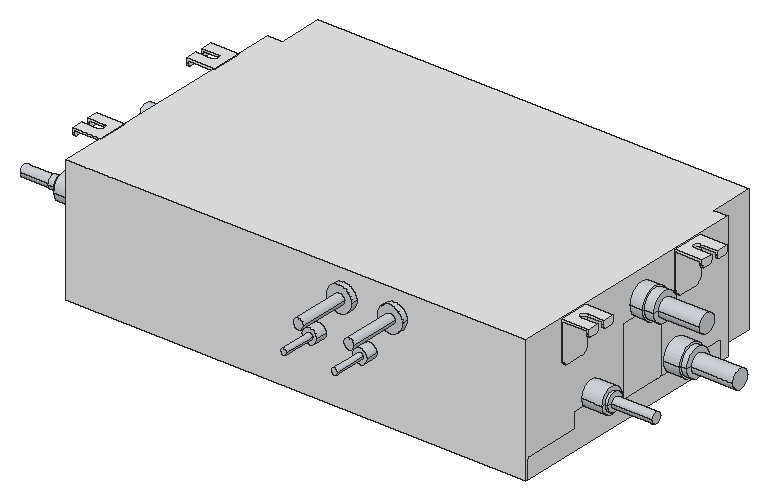
Revit family "EU_MCU_2PORT", category 기계 장비, Revit 2014
Parameters (values of type "2 PORT MODE CHANGE UNIT, 220-240V")
  Voltage [instance] = "220~240 V"
  URL = "www.samsung.com"
  Transmission Cable Min [instance] = 0.75 mm²
  Transmission Cable Max [instance] = 1.50 mm²
  Sound Pressure(Stable cooling Operation) [instance] = "34.00 dB(A)"
  Sound Pressure(Heating to Cooling Change over) [instance] = "50.00 dB(A)"
  Refrigerant Type [instance] = "R410A"
  Refrigerant Charge [instance] = 0.5 kg
  Product Name [instance] = "MODE CHANGE UNIT"
  Power Supply [instance] = 50 Hz
  Power Source Wire [instance] = 2.50 mm²
  Power Input Heating [instance] = 25 W
  Power Input Cooling [instance] = 25 W
  Phase [instance] = 1
  Outdoor Unit Refrigerant Suction Gas Connection Radius [instance] = if(1 = 1, Outdoor Unit Refrigerant Suction Gas Connection Diameter / 2, 0.00 mm)  # 14.29 mm
  Outdoor Unit Refrigerant Suction Gas Connection Offset Bottom [instance] = 50.651 mm
  Outdoor Unit Refrigerant Suction Gas Connection Offset Left [instance] = 294.769 mm
  Outdoor Unit Refrigerant Suction Gas Connection Diameter [instance] = 28.58 mm
  Outdoor Unit Refrigerant Liquid Connection Radius [instance] = if(1 = 1, Outdoor Unit Refrigerant Liquid Connection Diameter / 2, 0.00 mm)  # 7.94 mm
  Outdoor Unit Refrigerant Liquid Connection Offset Left [instance] = 128.684 mm
  Outdoor Unit Refrigerant Liquid Connection Offset Bottom [instance] = 68.524 mm
  Outdoor Unit Refrigerant Liquid Connection Diameter [instance] = 15.88 mm
  Outdoor Unit Refrigerant High Pressure Gas Connection Radius [instance] = if(1 = 1, Outdoor Unit Refrigerant High Pressure Gas Connection Diameter / 2, 0.00 mm)  # 14.29 mm
  Outdoor Unit Refrigerant High Pressure Gas Connection Offset Left [instance] = 228.769 mm
  Outdoor Unit Refrigerant High Pressure Gas Connection Offset Bottom [instance] = 158.712 mm
  Outdoor Unit Refrigerant High Pressure Gas Connection Diameter [instance] = 28.58 mm
  Operating Mode [instance] = "HEAT RECOVERY"
  Number of branches [instance] = "2 EA"
  Net Dimensions Width [instance] = 728.00 mm
  Net Dimensions Height [instance] = 199.00 mm
  Net Dimensions Depth [instance] = 469.00 mm
  built-in parameter 1010109 = ""
  Net  Weight [instance] = 21 kg
  Model [instance] = "MCU-S2NEK2N"
  Minimum Circuit Ampere(MCA) [instance] = 2 A
  Maximum number of connectable indoor units [instance] = "16 EA"
  Maximum number of connectable indoor unit per branch [instance] = "8 EA"
  Maximum capacity of connectable indoor units per branch(Y-Joint) [instance] = 32.00 kW
  Maximum capacity of connectable indoor units per branch [instance] = 16.00 kW
  Maximum capacity of connectable indoor units [instance] = 32.00 kW
  built-in parameter 1010108 = ""
  Maximum Over Protection(MFA) [instance] = 15 A
  Manufacturer [instance] = "SAMSUNG"
  Indoor Unit-6 Refrigerant Suction Gas Connection Radius [instance] = if(1 = 1, [Indoor Unit-6 Refrigerant Suction Gas Connection Diameter] / 2, 0.00 mm)  # 0.00 mm
  Indoor Unit-6 Refrigerant Suction Gas Connection Offset Left [instance] = 0.00 mm
  Indoor Unit-6 Refrigerant Suction Gas Connection Offset Bottom [instance] = 0.00 mm
  Indoor Unit-6 Refrigerant Suction Gas Connection Diameter [instance] = 0.00 mm
  Indoor Unit-6 Refrigerant Liquid Connection Radius [instance] = if(1 = 1, [Indoor Unit-6 Refrigerant Liquid Connection Diameter] / 2, 0.00 mm)  # 0.00 mm
  Indoor Unit-6 Refrigerant Liquid Connection Offset Left [instance] = 0.00 mm
  Indoor Unit-6 Refrigerant Liquid Connection Offset Bottom [instance] = 0.00 mm
  Indoor Unit-6 Refrigerant Liquid Connection Diameter [instance] = 0.00 mm
  Indoor Unit-5 Refrigerant Suction Gas Connection Radius [instance] = if(1 = 1, [Indoor Unit-5 Refrigerant Suction Gas Connection Diameter] / 2, 0.00 mm)  # 0.00 mm
  Indoor Unit-5 Refrigerant Suction Gas Connection Offset Left [instance] = 0.00 mm
  Indoor Unit-5 Refrigerant Suction Gas Connection Offset Bottom [instance] = 0.00 mm
  Indoor Unit-5 Refrigerant Suction Gas Connection Diameter [instance] = 0.00 mm
  Indoor Unit-5 Refrigerant Liquid Connection Radius [instance] = if(1 = 1, [Indoor Unit-5 Refrigerant Liquid Connection Diameter] / 2, 0.00 mm)  # 0.00 mm
  Indoor Unit-5 Refrigerant Liquid Connection Offset Left [instance] = 0.00 mm
  Indoor Unit-5 Refrigerant Liquid Connection Offset Bottom [instance] = 0.00 mm
  Indoor Unit-5 Refrigerant Liquid Connection Diameter [instance] = 0.00 mm
  Indoor Unit-4 Refrigerant Suction Gas Connection Radius [instance] = if(1 = 1, [Indoor Unit-4 Refrigerant Suction Gas Connection Diameter] / 2, 0.00 mm)  # 0.00 mm
  Indoor Unit-4 Refrigerant Suction Gas Connection Offset Left [instance] = 0.00 mm
  Indoor Unit-4 Refrigerant Suction Gas Connection Offset Bottom [instance] = 0.00 mm
  Indoor Unit-4 Refrigerant Suction Gas Connection Diameter [instance] = 0.00 mm
  Indoor Unit-4 Refrigerant Liquid Connection Radius [instance] = if(1 = 1, [Indoor Unit-4 Refrigerant Liquid Connection Diameter] / 2, 0.00 mm)  # 0.00 mm
  Indoor Unit-4 Refrigerant Liquid Connection Offset Left [instance] = 0.00 mm
  Indoor Unit-4 Refrigerant Liquid Connection Offset Bottom [instance] = 0.00 mm
  Indoor Unit-4 Refrigerant Liquid Connection Diameter [instance] = 0.00 mm
  Indoor Unit-3 Refrigerant Suction Gas Connection Radius [instance] = if(1 = 1, [Indoor Unit-3 Refrigerant Suction Gas Connection Diameter] / 2, 0.00 mm)  # 0.00 mm
  Indoor Unit-3 Refrigerant Suction Gas Connection Offset Left [instance] = 0.00 mm
  Indoor Unit-3 Refrigerant Suction Gas Connection Offset Bottom [instance] = 0.00 mm
  Indoor Unit-3 Refrigerant Suction Gas Connection Diameter [instance] = 0.00 mm
  Indoor Unit-3 Refrigerant Liquid Connection Radius [instance] = if(1 = 1, [Indoor Unit-3 Refrigerant Liquid Connection Diameter] / 2, 0.00 mm)  # 0.00 mm
  Indoor Unit-3 Refrigerant Liquid Connection Offset Left [instance] = 0.00 mm
  Indoor Unit-3 Refrigerant Liquid Connection Offset Bottom [instance] = 0.00 mm
  Indoor Unit-3 Refrigerant Liquid Connection Diameter [instance] = 0.00 mm
  Indoor Unit-2 Refrigerant Suction Gas Connection Radius [instance] = if(1 = 1, [Indoor Unit-2 Refrigerant Suction Gas Connection Diameter] / 2, 0.00 mm)  # 7.94 mm
  Indoor Unit-2 Refrigerant Suction Gas Connection Offset Left [instance] = 439.932 mm
  Indoor Unit-2 Refrigerant Suction Gas Connection Offset Bottom [instance] = [Indoor Unit-1 Refrigerant Suction Gas Connection Offset Bottom]  # 160.048 mm
  Indoor Unit-2 Refrigerant Suction Gas Connection Diameter [instance] = 15.88 mm
  Indoor Unit-2 Refrigerant Liquid Connection Radius [instance] = if(1 = 1, [Indoor Unit-2 Refrigerant Liquid Connection Diameter] / 2, 0.00 mm)  # 4.76 mm
  Indoor Unit-2 Refrigerant Liquid Connection Offset Left [instance] = 399.958 mm
  Indoor Unit-2 Refrigerant Liquid Connection Offset Bottom [instance] = [Indoor Unit-1 Refrigerant Liquid Connection Offset Bottom]  # 97.24 mm
  Indoor Unit-2 Refrigerant Liquid Connection Diameter [instance] = 9.52 mm
  Indoor Unit-1 Refrigerant Suction Gas Connection Radius [instance] = if(1 = 1, [Indoor Unit-1 Refrigerant Suction Gas Connection Diameter] / 2, 0.00 mm)  # 7.94 mm
  Indoor Unit-1 Refrigerant Suction Gas Connection Offset Left [instance] = 520.049 mm
  Indoor Unit-1 Refrigerant Suction Gas Connection Offset Bottom [instance] = 160.048 mm
  Indoor Unit-1 Refrigerant Suction Gas Connection Diameter [instance] = 15.88 mm
  Indoor Unit-1 Refrigerant Liquid Connection Radius [instance] = if(1 = 1, [Indoor Unit-1 Refrigerant Liquid Connection Diameter] / 2, 0.00 mm)  # 4.76 mm
  Indoor Unit-1 Refrigerant Liquid Connection Offset Left [instance] = 480.058 mm
  Indoor Unit-1 Refrigerant Liquid Connection Offset Bottom [instance] = 97.24 mm
  Indoor Unit-1 Refrigerant Liquid Connection Diameter [instance] = 9.52 mm
  Heating Operation Limit Min [instance] = -25 °C
  Heating Operation Limit Max [instance] = 24 °C
  Current Input Heating [instance] = 0.2 A
  Current Input Cooling [instance] = 0.2 A
  Cooling Operation Limit Min [instance] = -15 °C
  Cooling Operation Limit Max [instance] = 48 °C
  -15 ℃ Operation(2Port) [instance] = "Below 5~16 kW"
  -15 ℃ Operation(1Port) [instance] = "Below 5 kW"
Reference planes
  plane 1 "Center (Front/Back)": y = 0
  plane 2 "base": z = 0
  plane 3 "Center (Left/Right)": x = 0
  plane 4: x = -364
  plane 5: x = 364
  plane 6: y = 234.5
  plane 7: y = -234.5
  plane 8: z = 199
  plane 9 "PIPE0": z = 68.524
  plane 10: y = -105.816
  plane 11: y = -5.731
  plane 12 "HGAS0": z = 158.712
  plane 13: y = 60.269
  plane 14 "GAS0": z = 50.651
  plane 15 "GAS16": z = 160.048
  plane 16 "PIPE16": z = 97.24
  plane 17: x = -284.487
  plane 18: x = -244.532
  plane 19: x = -164.415
  plane 20: x = -84.299
  plane 21: x = -4.184
  plane 22: x = 75.932
  plane 23: x = 156.049
  plane 24: x = -204.37
  plane 25: x = -124.254
  plane 26: x = -44.137
  plane 27: x = 35.958
  plane 28: x = 116.058
Forms (mm)
  Extrusion 1, solid, material "Body"
    sketch origin (0, 0, 0) x (1, 0, 0) y (0, 1, 0)
      loop
        line (-340.917, 234.5) -> (-340.917, 165.251) -> (-364.048, 165.251) -> (-364.048, -234.5) -> (364, -234.5) -> (364, 165.251) -> (340.92, 165.251) -> (340.92, 234.5) -> (-340.917, 234.5)
    from 0 to 199
  Extrusion 2, solid, material "Body"
    sketch origin (0, 0, 0) x (0, 1, 0) y (0, 0, 1)
      loop
        line (-231.497, 0) -> (148.387, 0) -> (148.387, 28.036)
        arc (148.387, 28.036) -> (147.508, 30.16) -> (145.384, 31.04) r 3.003
        line (145.384, 31.04) -> (-71.993, 31.04) -> (-71.993, 56.071) -> (-138.678, 56.071) -> (-138.678, 31.04) -> (-228.493, 31.04)
        arc (-228.493, 31.04) -> (-230.617, 30.16) -> (-231.497, 28.036) r 3.003
        line (-231.497, 28.036) -> (-231.497, 0)
      loop
        line (-42.557, 138.391) -> (-42.557, 36.36)
        arc (-42.557, 36.36) -> (-41.09, 32.818) -> (-37.548, 31.351) r 5.009
        line (-37.548, 31.351) -> (26.128, 31.351)
        arc (26.128, 31.351) -> (29.67, 32.818) -> (31.137, 36.36) r 5.009
        line (31.137, 36.36) -> (31.137, 138.391) -> (-42.557, 138.391)
    from 364 to 365
  Revolve 3, solid
    sketch origin (0, 0, 50.651) x (0, -1, 0) y (1, 0, 0)
      loop
        line (-60.269, 400.596) -> (-60.269, 364) -> (-36.286, 364) -> (-36.286, 391.041) -> (-38.294, 391.041) -> (-38.294, 400.596) -> (-60.269, 400.596)
      axis (-60.269, 364) -> (-60.269, 400.596)
    angle from 0 to 360
  Revolve 4, solid
    sketch origin (0, 0, 158.712) x (0, -1, 0) y (1, 0, 0)
      loop
        line (5.731, 401.215) -> (5.731, 364) -> (29.845, 364) -> (29.845, 385.528) -> (27.859, 385.528) -> (27.859, 401.215) -> (5.731, 401.215)
      axis (5.731, 364) -> (5.731, 401.215)
    angle from 0 to 360
  Revolve 5, solid
    sketch origin (0, 0, 68.524) x (0, -1, 0) y (1, 0, 0)
      loop
        line (105.816, 364) -> (105.816, 402.273) -> (91.544, 402.273) -> (91.544, 397.255) -> (86.526, 397.255) -> (86.526, 364) -> (105.816, 364)
      axis (105.816, 364) -> (105.816, 402.273)
    angle from 0 to 360
  Extrusion 6, solid
    sketch origin (0, 0, 0) x (0, 1, 0) y (0, 0, 1)
      loop
        circle (-105.816, 68.524) r 7.94
    from 402.273 to 467.506
  Extrusion 7, solid
    sketch origin (0, 0, 0) x (0, 1, 0) y (0, 0, 1)
      loop
        circle (-5.731, 158.712) r 14.29
    from 401.215 to 467.506
  Extrusion 8, solid
    sketch origin (0, 0, 0) x (0, 1, 0) y (0, 0, 1)
      loop
        circle (60.269, 50.651) r 14.29
    from 400.596 to 467.506
  Extrusion 9, solid
    sketch origin (320.464, 0, 0) x (1, 0, 0) y (0, 0, 1)
      loop
        circle (-244.532, 160.048) r 20
    from 234.5 to 243.607
  Extrusion 10, solid
    sketch origin (400.581, 0, 0) x (1, 0, 0) y (0, 0, 1)
      loop
        circle (-244.532, 160.048) r 20
    from 234.5 to 243.607
  Extrusion 11, solid
    sketch origin (320.445, 0, 0) x (1, 0, 0) y (0, 0, 1)
      loop
        circle (-284.487, 97.24) r 11.578
    from 234.5 to 252.666
  Extrusion 12, solid
    sketch origin (400.545, 0, 0) x (1, 0, 0) y (0, 0, 1)
      loop
        circle (-284.487, 97.24) r 11.578
    from 234.5 to 252.666
  Extrusion 13, solid
    sketch origin (0, 0, 0) x (1, 0, 0) y (0, 0, 1)
      loop
        circle (35.958, 97.24) r 4.76
      loop
        circle (116.058, 97.24) r 4.76
    from 252.666 to 302.867
  Extrusion 14, solid
    sketch origin (0, 0, 0) x (1, 0, 0) y (0, 0, 1)
      loop
        circle (75.932, 160.048) r 7.94
      loop
        circle (156.049, 160.048) r 7.94
    from 243.607 to 324.292
  Revolve 15, solid
    sketch origin (0, 0, 97.24) x (-1, 0, 0) y (0, -1, 0)
      loop
        line (400.263, -44.793) -> (400.263, -37.324) -> (391.648, -37.324) -> (391.648, -36.241) -> (364, -36.241) -> (364, -60.269) -> (471.974, -60.269) -> (471.974, -44.793) -> (400.263, -44.793)
      axis (471.974, -60.269) -> (364, -60.269)
    angle from 0 to 360
  Revolve 16, solid
    sketch origin (0, 0, 50.651) x (0, -1, 0) y (1, 0, 0)
      loop
        line (5.731, -471.952) -> (21.578, -471.952) -> (21.578, -400.263) -> (29.867, -400.263) -> (29.867, -364) -> (5.731, -364) -> (5.731, -471.952)
      axis (5.731, -471.952) -> (5.731, -364)
    angle from 0 to 360
  Revolve 17, solid
    sketch origin (0, 0, 68.524) x (0, -1, 0) y (1, 0, 0)
      loop
        line (105.816, -532.396) -> (114.586, -532.396) -> (114.586, -487.233) -> (115.701, -487.233) -> (115.701, -474.186) -> (121.672, -474.186) -> (121.672, -469.171) -> (126.69, -469.171) -> (126.69, -364.048) -> (105.816, -364.048) -> (105.816, -532.396)
      axis (105.816, -532.396) -> (105.816, -364.048)
    angle from 0 to 360
Lines and regions (mm)
  model lines, not visible
    curve 1: arc (195.594, -165, 1319.842) -> (200.975, -165, 1322.29) -> (206.401, -165, 1324.635) r 309.246
    curve 2: arc (187.783, -165, 1316.133) -> (191.645, -165, 1318.08) -> (195.594, -165, 1319.842) r 91.892
    curve 3: arc (183.29, -165, 1313.637) -> (185.513, -165, 1314.928) -> (187.783, -165, 1316.133) r 67.043
    curve 4: arc (180.377, -165, 1311.624) -> (181.826, -165, 1312.641) -> (183.29, -165, 1313.637) r 121.609
    curve 5: arc (177.43, -165, 1309.404) -> (178.883, -165, 1310.542) -> (180.377, -165, 1311.624) r 48.689
    curve 6: arc (174.608, -165, 1307.049) -> (175.983, -165, 1308.27) -> (177.43, -165, 1309.404) r 29.649
    curve 7: arc (172.38, -165, 1304.752) -> (173.454, -165, 1305.939) -> (174.608, -165, 1307.049) r 22.979
    curve 8: arc (170.712, -165, 1302.508) -> (171.5, -165, 1303.664) -> (172.38, -165, 1304.752) r 17.124
    curve 9: arc (169.537, -165, 1300.289) -> (170.066, -165, 1301.43) -> (170.712, -165, 1302.508) r 11.876
    curve 10: arc (168.855, -165, 1298.11) -> (169.127, -165, 1299.221) -> (169.537, -165, 1300.289) r 9.086
    curve 11: arc (168.724, -165, 1295.997) -> (168.722, -165, 1297.058) -> (168.855, -165, 1298.11) r 8.267
    curve 12: arc (169.118, -165, 1293.959) -> (168.862, -165, 1294.967) -> (168.724, -165, 1295.997) r 8.908
    curve 13: arc (170.049, -165, 1292.008) -> (169.536, -165, 1292.961) -> (169.118, -165, 1293.959) r 11.032
    curve 14: arc (171.482, -165, 1290.151) -> (170.729, -165, 1291.052) -> (170.049, -165, 1292.008) r 15.106
    curve 15: arc (173.425, -165, 1288.401) -> (172.427, -165, 1289.247) -> (171.482, -165, 1290.151) r 21.501
    curve 16: arc (175.833, -165, 1286.762) -> (174.609, -165, 1287.553) -> (173.425, -165, 1288.401) r 30.601
    curve 17: arc (178.7, -165, 1285.244) -> (177.252, -165, 1285.976) -> (175.833, -165, 1286.762) r 42.727
    curve 18: arc (181.975, -165, 1283.846) -> (180.327, -165, 1284.52) -> (178.7, -165, 1285.244) r 57.776
    curve 19: arc (185.642, -165, 1282.578) -> (183.801, -165, 1283.189) -> (181.975, -165, 1283.846) r 76.022
    curve 20: arc (189.65, -165, 1281.435) -> (187.64, -165, 1281.985) -> (185.642, -165, 1282.578) r 97.926
    curve 21: arc (193.978, -165, 1280.422) -> (191.81, -165, 1280.909) -> (189.65, -165, 1281.435) r 124.368
    curve 22: arc (198.563, -165, 1279.532) -> (196.267, -165, 1279.959) -> (193.978, -165, 1280.422) r 146.449
    curve 23: arc (203.387, -165, 1278.768) -> (200.972, -165, 1279.133) -> (198.563, -165, 1279.532) r 171.678
    curve 24: arc (208.517, -165, 1278.111) -> (205.95, -165, 1278.423) -> (203.387, -165, 1278.768) r 205.135
    curve 25: arc (214.051, -165, 1277.556) -> (211.282, -165, 1277.817) -> (208.517, -165, 1278.111) r 233.448
    curve 26: arc (219.975, -165, 1277.105) -> (217.012, -165, 1277.314) -> (214.051, -165, 1277.556) r 268.023
    curve 27: arc (226.291, -165, 1276.774) -> (223.132, -165, 1276.923) -> (219.975, -165, 1277.105) r 304.233
    curve 28: arc (232.968, -165, 1276.566) -> (229.629, -165, 1276.654) -> (226.291, -165, 1276.774) r 343.121
    curve 29: arc (240, -165, 1276.492) -> (236.484, -165, 1276.513) -> (232.968, -165, 1276.566) r 378.704
    curve 30: arc (247.347, -165, 1276.551) -> (243.674, -165, 1276.505) -> (240, -165, 1276.492) r 416.052
    curve 31: arc (254.991, -165, 1276.756) -> (251.17, -165, 1276.637) -> (247.347, -165, 1276.551) r 449.8
    curve 32: arc (262.884, -165, 1277.101) -> (258.939, -165, 1276.912) -> (254.991, -165, 1276.756) r 482.662
    curve 33: arc (270.997, -165, 1277.596) -> (266.942, -165, 1277.332) -> (262.884, -165, 1277.101) r 510.257
    curve 34: arc (279.276, -165, 1278.232) -> (275.138, -165, 1277.898) -> (270.997, -165, 1277.596) r 534.514
    curve 35: arc (287.683, -165, 1279.015) -> (283.481, -165, 1278.608) -> (279.276, -165, 1278.232) r 553.014
    curve 36: arc (296.163, -165, 1279.935) -> (291.925, -165, 1279.459) -> (287.683, -165, 1279.015) r 565.829
    curve 37: arc (304.67, -165, 1280.992) -> (300.418, -165, 1280.448) -> (296.163, -165, 1279.935) r 573.124
    curve 38: arc (313.153, -165, 1282.173) -> (308.914, -165, 1281.567) -> (304.67, -165, 1280.992) r 572.829
    curve 39: arc (321.562, -165, 1283.476) -> (317.36, -165, 1282.809) -> (313.153, -165, 1282.173) r 567.911
    curve 40: arc (329.854, -165, 1284.886) -> (325.711, -165, 1284.166) -> (321.562, -165, 1283.476) r 555.278
    curve 41: arc (337.977, -165, 1286.397) -> (333.918, -165, 1285.626) -> (329.854, -165, 1284.886) r 540.479
    curve 42: arc (345.899, -165, 1287.994) -> (341.942, -165, 1287.18) -> (337.977, -165, 1286.397) r 515.558
    curve 43: arc (353.573, -165, 1289.667) -> (349.74, -165, 1288.815) -> (345.899, -165, 1287.994) r 488.161
    curve 44: arc (360.978, -165, 1291.404) -> (357.279, -165, 1290.52) -> (353.573, -165, 1289.667) r 460.471
    curve 45: arc (368.073, -165, 1293.194) -> (364.529, -165, 1292.284) -> (360.978, -165, 1291.404) r 440.452
    curve 46: arc (374.846, -165, 1295.02) -> (371.464, -165, 1294.092) -> (368.073, -165, 1293.194) r 391.802
    curve 47: arc (381.262, -165, 1296.872) -> (378.059, -165, 1295.93) -> (374.846, -165, 1295.02) r 331.309
    curve 48: line (387.339, -165, 1298.749) -> (381.262, -165, 1296.872)
    curve 49: arc (406.992, -165, 1306.046) -> (400.756, -165, 1303.532) -> (394.479, -165, 1301.124) r 397.928
    curve 50: arc (416.144, -165, 1309.892) -> (411.607, -165, 1307.876) -> (406.992, -165, 1306.046) r 121.956
    curve 51: arc (421.525, -165, 1312.518) -> (418.856, -165, 1311.161) -> (416.144, -165, 1309.892) r 91.735
    curve 52: arc (425.128, -165, 1314.665) -> (423.334, -165, 1313.58) -> (421.525, -165, 1312.518) r 164.173
    curve 53: arc (428.811, -165, 1317.042) -> (426.989, -165, 1315.824) -> (425.128, -165, 1314.665) r 67.791
    curve 54: arc (432.383, -165, 1319.569) -> (430.63, -165, 1318.259) -> (428.811, -165, 1317.042) r 41.777
    curve 55: arc (435.298, -165, 1322.049) -> (433.877, -165, 1320.766) -> (432.383, -165, 1319.569) r 32.257
    curve 56: arc (441.061, -165, 1331.584) -> (440.862, -165, 1330.411) -> (440.506, -165, 1329.275) r 8.779
    curve 57: arc (440.506, -165, 1329.275) -> (439.989, -165, 1328.05) -> (439.325, -165, 1326.898) r 10.886
    curve 58: arc (439.325, -165, 1326.898) -> (438.514, -165, 1325.648) -> (437.587, -165, 1324.483) r 15.562
    curve 59: arc (437.587, -165, 1324.483) -> (436.486, -165, 1323.225) -> (435.298, -165, 1322.049) r 23.512
    curve 60: arc (441.015, -165, 1333.815) -> (441.113, -165, 1332.701) -> (441.061, -165, 1331.584) r 8.408
    curve 61: arc (440.355, -165, 1335.951) -> (440.747, -165, 1334.902) -> (441.015, -165, 1333.815) r 9.661
    curve 62: arc (439.117, -165, 1337.984) -> (439.783, -165, 1336.996) -> (440.355, -165, 1335.951) r 12.903
    curve 63: arc (437.295, -165, 1339.897) -> (438.24, -165, 1338.973) -> (439.117, -165, 1337.984) r 18.535
    curve 64: arc (434.939, -165, 1341.686) -> (436.142, -165, 1340.823) -> (437.295, -165, 1339.897) r 27.033
    curve 65: arc (432.06, -165, 1343.338) -> (433.517, -165, 1342.543) -> (434.939, -165, 1341.686) r 38.822
    curve 66: arc (428.716, -165, 1344.854) -> (430.401, -165, 1344.124) -> (432.06, -165, 1343.338) r 53.845
    curve 67: arc (424.931, -165, 1346.224) -> (426.833, -165, 1345.565) -> (428.716, -165, 1344.854) r 72.44
    curve 68: arc (420.762, -165, 1347.453) -> (422.853, -165, 1346.862) -> (424.931, -165, 1346.224) r 95.068
    curve 69: arc (416.239, -165, 1348.536) -> (418.506, -165, 1348.016) -> (420.762, -165, 1347.453) r 122.777
    curve 70: arc (411.434, -165, 1349.48) -> (413.841, -165, 1349.028) -> (416.239, -165, 1348.536) r 145.634
    curve 71: arc (406.372, -165, 1350.284) -> (408.906, -165, 1349.901) -> (411.434, -165, 1349.48) r 171.922
    curve 72: arc (400.971, -165, 1350.969) -> (403.674, -165, 1350.644) -> (406.372, -165, 1350.284) r 207.343
    curve 73: arc (395.117, -165, 1351.543) -> (398.046, -165, 1351.275) -> (400.971, -165, 1350.969) r 236.909
    curve 74: arc (388.823, -165, 1352.001) -> (391.971, -165, 1351.79) -> (395.117, -165, 1351.543) r 273.522
    curve 75: arc (382.085, -165, 1352.325) -> (385.455, -165, 1352.181) -> (388.823, -165, 1352.001) r 311.841
    curve 76: arc (374.941, -165, 1352.511) -> (378.513, -165, 1352.436) -> (382.085, -165, 1352.325) r 353.101
    curve 77: arc (367.395, -165, 1352.546) -> (371.168, -165, 1352.547) -> (374.941, -165, 1352.511) r 390.355
    curve 78: arc (359.495, -165, 1352.429) -> (363.444, -165, 1352.505) -> (367.395, -165, 1352.546) r 429.401
    curve 79: arc (342.759, -165, 1351.705) -> (347.011, -165, 1351.944) -> (351.264, -165, 1352.147) r 497.155
    curve 80: arc (334.019, -165, 1351.093) -> (338.388, -165, 1351.417) -> (342.759, -165, 1351.705) r 523.922
    curve 81: arc (325.105, -165, 1350.32) -> (329.56, -165, 1350.725) -> (334.019, -165, 1351.093) r 546.438
    curve 82: arc (316.068, -165, 1349.381) -> (320.585, -165, 1349.869) -> (325.105, -165, 1350.32) r 562.058
    curve 83: arc (306.973, -165, 1348.289) -> (311.519, -165, 1348.853) -> (316.068, -165, 1349.381) r 570.808
    curve 84: arc (297.879, -165, 1347.045) -> (302.424, -165, 1347.685) -> (306.973, -165, 1348.289) r 573.187
    curve 85: arc (288.846, -165, 1345.663) -> (293.36, -165, 1346.372) -> (297.879, -165, 1347.045) r 566.808
    curve 86: arc (279.935, -165, 1344.149) -> (284.387, -165, 1344.924) -> (288.846, -165, 1345.663) r 555.457
    curve 87: arc (271.197, -165, 1342.521) -> (275.562, -165, 1343.353) -> (279.935, -165, 1344.149) r 535.611
    curve 88: arc (262.692, -165, 1340.788) -> (266.941, -165, 1341.673) -> (271.197, -165, 1342.521) r 513.885
    curve 89: arc (254.458, -165, 1338.968) -> (258.571, -165, 1339.896) -> (262.692, -165, 1340.788) r 481.756
    curve 90: arc (246.548, -165, 1337.073) -> (250.498, -165, 1338.038) -> (254.458, -165, 1338.968) r 447.901
    curve 91: arc (231.805, -165, 1333.12) -> (235.389, -165, 1334.137) -> (238.982, -165, 1335.119) r 389.27
    curve 92: arc (238.982, -165, 1335.119) -> (242.76, -165, 1336.114) -> (246.548, -165, 1337.073) r 414.22
    curve 93: arc (351.264, -165, 1352.147) -> (355.379, -165, 1352.306) -> (359.495, -165, 1352.429) r 463.961
    curve 94: line (212.744, -165, 1327.003) -> (218.679, -165, 1329.055)
    curve 95: arc (218.679, -165, 1329.055) -> (221.846, -165, 1330.094) -> (225.026, -165, 1331.094) r 275.24
    curve 96: arc (225.026, -165, 1331.094) -> (228.41, -165, 1332.125) -> (231.805, -165, 1333.12) r 337.122
    curve 97: line (240.576, -165, 1320.247) -> (243.349, -165, 1298.748)
    curve 98: line (243.349, -165, 1298.748) -> (251.269, -165, 1298.748)
    curve 99: line (251.269, -165, 1298.748) -> (246.46, -165, 1327.035)
    curve 100: line (246.46, -165, 1327.035) -> (234.014, -165, 1327.035)
    curve 101: line (234.014, -165, 1327.035) -> (229.205, -165, 1298.748)
    curve 102: line (229.205, -165, 1298.748) -> (237.125, -165, 1298.748)
    curve 103: line (237.125, -165, 1298.748) -> (239.898, -165, 1320.247)
    curve 104: line (271.428, -165, 1311.76) -> (268.883, -165, 1327.035)
    curve 105: line (268.883, -165, 1327.035) -> (256.436, -165, 1327.035)
    curve 106: line (256.436, -165, 1327.035) -> (256.436, -165, 1298.748)
    curve 107: line (256.436, -165, 1298.748) -> (263.791, -165, 1298.748)
    curve 108: line (263.791, -165, 1298.748) -> (263.791, -165, 1319.907)
    curve 109: line (274.54, -165, 1327.035) -> (271.994, -165, 1311.76)
    curve 110: line (275.672, -165, 1298.748) -> (279.066, -165, 1319.907)
    curve 111: line (279.632, -165, 1319.907) -> (279.632, -165, 1298.748)
    curve 112: line (286.986, -165, 1298.748) -> (286.986, -165, 1327.035)
    curve 113: line (279.632, -165, 1298.748) -> (286.986, -165, 1298.748)
    curve 114: line (264.357, -165, 1319.907) -> (267.751, -165, 1298.748)
    curve 115: line (267.751, -165, 1298.748) -> (275.672, -165, 1298.748)
    curve 116: line (286.986, -165, 1327.035) -> (274.54, -165, 1327.035)
    curve 117: line (340.32, -165, 1306.669) -> (340.32, -165, 1327.035)
    curve 118: line (340.32, -165, 1327.035) -> (332.399, -165, 1327.035)
    curve 119: line (332.399, -165, 1327.035) -> (332.399, -165, 1306.669)
    curve 120: arc (332.399, -165, 1306.669) -> (330.136, -165, 1304.406) -> (327.873, -165, 1306.669) r 2.263
    curve 121: line (327.873, -165, 1306.669) -> (327.873, -165, 1327.035)
    curve 122: line (327.873, -165, 1327.035) -> (319.953, -165, 1327.035)
    curve 123: line (319.953, -165, 1327.035) -> (319.953, -165, 1306.669)
    curve 124: line (363.833, -165, 1309.497) -> (356.817, -165, 1327.035)
    curve 125: line (356.817, -165, 1327.035) -> (347.426, -165, 1327.035)
    curve 126: line (347.426, -165, 1327.035) -> (347.426, -165, 1298.748)
    curve 127: line (347.426, -165, 1298.748) -> (354.441, -165, 1298.748)
    curve 128: line (354.441, -165, 1298.748) -> (354.441, -165, 1316.286)
    curve 129: line (364.172, -165, 1327.035) -> (364.172, -165, 1309.497)
    curve 130: line (371.187, -165, 1327.035) -> (364.172, -165, 1327.035)
    curve 131: line (371.187, -165, 1298.748) -> (371.187, -165, 1327.035)
    curve 132: line (361.796, -165, 1298.748) -> (371.187, -165, 1298.748)
    curve 133: line (354.781, -165, 1316.286) -> (361.796, -165, 1298.748)
    curve 134: line (377.89, -165, 1319.398) -> (377.89, -165, 1306.386)
    curve 135: line (385.527, -165, 1306.386) -> (385.527, -165, 1319.398)
    curve 136: arc (389.487, -165, 1319.398) -> (387.507, -165, 1321.378) -> (385.527, -165, 1319.398) r 1.98
    curve 137: arc (385.527, -165, 1306.386) -> (387.507, -165, 1304.406) -> (389.487, -165, 1306.386) r 1.98
    curve 138: line (387.507, -165, 1313.458) -> (387.507, -165, 1309.497)
    curve 139: line (387.507, -165, 1309.497) -> (389.487, -165, 1309.497)
    curve 140: line (389.487, -165, 1309.497) -> (389.487, -165, 1306.386)
    curve 141: line (397.125, -165, 1313.458) -> (387.507, -165, 1313.458)
    curve 142: line (397.125, -165, 1305.954) -> (397.125, -165, 1313.458)
    curve 143: line (397.125, -165, 1317.418) -> (397.125, -165, 1319.398)
    curve 144: line (389.487, -165, 1319.398) -> (389.487, -165, 1317.418)
    curve 145: line (389.487, -165, 1317.418) -> (397.125, -165, 1317.418)
    curve 146: arc (377.89, -165, 1319.398) -> (387.507, -165, 1327.035) -> (397.125, -165, 1319.398) r 9.874
    curve 147: arc (377.89, -165, 1306.386) -> (381.112, -165, 1300.708) -> (387.339, -165, 1298.749) r 8.913
    curve 148: arc (394.479, -165, 1301.124) -> (396.296, -165, 1303.268) -> (397.125, -165, 1305.954) r 7.016
    curve 149: line (312.844, -165, 1320.247) -> (312.844, -165, 1316.852)
    curve 150: line (312.844, -165, 1316.852) -> (305.49, -165, 1316.852)
    curve 151: line (305.49, -165, 1316.852) -> (305.49, -165, 1319.115)
    curve 152: arc (305.49, -165, 1319.115) -> (302.07, -165, 1321.06) -> (302.145, -165, 1317.127) r 2.263
    curve 153: line (302.145, -165, 1317.127) -> (310.231, -165, 1312.728)
    curve 154: arc (319.953, -165, 1306.669) -> (330.136, -165, 1298.748) -> (340.32, -165, 1306.669) r 10.507
    curve 155: line (296.934, -165, 1312.849) -> (304.358, -165, 1308.628)
    curve 156: arc (300.964, -165, 1306.669) -> (304.358, -165, 1304.709) -> (304.358, -165, 1308.628) r 2.263
    curve 157: line (313.41, -165, 1305.537) -> (313.41, -165, 1307.8)
    curve 158: line (293.043, -165, 1308.932) -> (293.043, -165, 1305.537)
    curve 159: line (300.964, -165, 1308.932) -> (293.043, -165, 1308.932)
    curve 160: line (300.964, -165, 1306.669) -> (300.964, -165, 1308.932)
    curve 161: line (293.609, -165, 1320.247) -> (293.609, -165, 1317.984)
    curve 162: arc (293.609, -165, 1320.247) -> (303.227, -165, 1327.036) -> (312.844, -165, 1320.247) r 10.207
    curve 163: arc (293.043, -165, 1305.537) -> (303.227, -165, 1298.748) -> (313.41, -165, 1305.537) r 11.032
    curve 164: arc (310.231, -165, 1312.728) -> (312.449, -165, 1310.67) -> (313.41, -165, 1307.8) r 6.121
    curve 165: arc (296.934, -165, 1312.849) -> (294.064, -165, 1316.005) -> (293.609, -165, 1320.247) r 6.87
    curve 166: line (211.427, -165, 1308.932) -> (203.507, -165, 1308.932)
    curve 167: arc (211.427, -165, 1306.67) -> (214.859, -165, 1304.732) -> (214.745, -165, 1308.672) r 2.263
    curve 168: line (211.427, -165, 1306.67) -> (211.427, -165, 1308.932)
    curve 169: line (203.507, -165, 1308.932) -> (203.507, -165, 1305.537)
    curve 170: line (223.874, -165, 1305.537) -> (223.874, -165, 1307.8)
    curve 171: line (220.694, -165, 1312.728) -> (212.609, -165, 1317.127)
    curve 172: arc (215.953, -165, 1319.116) -> (212.534, -165, 1321.062) -> (212.609, -165, 1317.128) r 2.263
    curve 173: line (215.953, -165, 1319.116) -> (215.953, -165, 1316.852)
    curve 174: line (215.953, -165, 1316.852) -> (223.308, -165, 1316.852)
    curve 175: line (223.308, -165, 1316.852) -> (223.308, -165, 1320.247)
    curve 176: line (204.042, -165, 1320.244) -> (204.042, -165, 1317.984)
    curve 177: arc (223.308, -165, 1320.247) -> (219.662, -165, 1326.182) -> (212.744, -165, 1327.003) r 7.992
    curve 178: arc (204.042, -165, 1320.244) -> (204.669, -165, 1322.736) -> (206.401, -165, 1324.635) r 5.266
    curve 179: arc (203.507, -165, 1305.537) -> (213.69, -165, 1298.732) -> (223.874, -165, 1305.537) r 11.022
    curve 180: arc (223.874, -165, 1307.8) -> (222.913, -165, 1310.67) -> (220.694, -165, 1312.728) r 6.121
    curve 181: line (207.398, -165, 1312.849) -> (214.745, -165, 1308.672)
    curve 182: arc (207.398, -165, 1312.849) -> (205.098, -165, 1315.01) -> (204.042, -165, 1317.984) r 6.706
Dimensions and locks
  equal spacing: plane 6, plane 1 "Center (Front/Back)", plane 7
  "Net Dimensions Depth": plane 6 to plane 7
  equal spacing: plane 4, plane 3 "Center (Left/Right)", plane 5
  "Net Dimensions Width": plane 4 to plane 5
  "Net Dimensions Height": plane 8 to plane 2 "base"
  locked: plane 4 to Extrusion 1 sketch curve at 23.083
  locked: Extrusion 1 sketch curve to plane 5 at 23.08
  locked: plane 5 to Extrusion 2 at 1
  locked: Extrusion 6 to Extrusion 6 at 65.233
  "Outdoor Unit Refrigerant Liquid Connection Offset Left": plane 7 to plane 10
  "Outdoor Unit Refrigerant High Pressure Gas Connection Offset Left": plane 7 to plane 11
  "Outdoor Unit Refrigerant Suction Gas Connection Offset Left": plane 7 to plane 13
  "Outdoor Unit Refrigerant Suction Gas Connection Offset Bottom": plane 14 "GAS0" to level
  "Outdoor Unit Refrigerant Liquid Connection Offset Bottom": plane 9 "PIPE0" to level
  "Outdoor Unit Refrigerant High Pressure Gas Connection Offset Bottom": plane 12 "HGAS0" to level
  locked: plane 5 to Revolve 5 at 38.273
  locked: plane 5 to Revolve 4 at 37.215
  locked: plane 5 to Revolve 3 at 36.596
  "Indoor Unit-2 Refrigerant Liquid Connection Offset Left": plane 27 to plane 4
  "Indoor Unit-1 Refrigerant Liquid Connection Offset Left": plane 28 to plane 4
  "Indoor Unit-2 Refrigerant Suction Gas Connection Offset Left": plane 22 to plane 4
  "Indoor Unit-1 Refrigerant Suction Gas Connection Offset Left": plane 23 to plane 4
  "Indoor Unit-1 Refrigerant Liquid Connection Offset Bottom": plane 16 "PIPE16" to level
  "Indoor Unit-1 Refrigerant Suction Gas Connection Offset Bottom": plane 15 "GAS16" to level
  "Outdoor Unit Refrigerant Liquid Connection Diameter": diameter of Extrusion 6 sketch curve
  "Outdoor Unit Refrigerant High Pressure Gas Connection Diameter": diameter of Extrusion 7 sketch curve
  "Outdoor Unit Refrigerant Suction Gas Connection Diameter": diameter of Extrusion 8 sketch curve
  "Indoor Unit-2 Refrigerant Suction Gas Connection Diameter": diameter of Extrusion 14 sketch curve
  "Indoor Unit-1 Refrigerant Suction Gas Connection Diameter": diameter of Extrusion 14 sketch curve
  "Indoor Unit-2 Refrigerant Liquid Connection Diameter": diameter of Extrusion 13 sketch curve
  "Indoor Unit-1 Refrigerant Liquid Connection Diameter": diameter of Extrusion 13 sketch curve
  aligned and locked: level to plane 2 "base"
  aligned and locked: Extrusion 1 sketch curve to plane 7
  aligned and locked: plane 8 to Extrusion 1
  aligned and locked: Extrusion 2 to plane 5
  aligned and locked: Extrusion 1 to Revolve 3 sketch curve
  aligned and locked: Revolve 5 to plane 5
  aligned and locked: plane 5 to Revolve 4
  aligned and locked: Extrusion 7 to Revolve 4
  aligned and locked: Extrusion 6 to Extrusion 7
  aligned and locked: Extrusion 8 to Revolve 3
  aligned and locked: Extrusion 6 to Extrusion 8
  aligned and locked: plane 8 to nested 2
  aligned and locked: plane 5 to nested 1
  aligned and locked: plane 5 to nested 2
  aligned and locked: plane 4 to nested 4
  aligned and locked: plane 4 to nested 3
  aligned and locked: Extrusion 9 to Extrusion 10
  aligned and locked: Extrusion 11 to Extrusion 12
  aligned and locked: Revolve 15 sketch curve to plane 4
  aligned and locked: plane 4 to Revolve 16
  aligned and locked: plane 4 to Revolve 15
  aligned and locked: Revolve 5 to Extrusion 6
Automatic sketch dimensions
  Extrusion 1 sketch curve to plane 6 = 69.249 mm  (x2)
  Extrusion 2 sketch curve to level = 0.00 mm
  plane 7 to Extrusion 2 sketch curve = 3.003 mm
  Extrusion 2 sketch curve to Extrusion 2 sketch curve = 3.003 mm  (x2)
  Extrusion 2 sketch curve to plane 10 = 32.863 mm
  plane 14 "GAS0" to Extrusion 2 sketch curve = 5.42 mm
  plane 10 to Extrusion 2 sketch curve = 33.822 mm
  Extrusion 2 sketch curve to plane 11 = 36.826 mm
  Extrusion 2 sketch curve to Extrusion 2 sketch curve = 5.009 mm
  Extrusion 2 sketch curve to plane 1 "Center (Front/Back)" = 26.128 mm
  Extrusion 2 sketch curve to plane 13 = 29.132 mm
  Extrusion 2 sketch curve to plane 14 "GAS0" = 22.614 mm  (x2)
  plane 13 to Extrusion 2 sketch curve = 85.115 mm
  Extrusion 2 sketch curve to plane 14 "GAS0" = 19.299 mm
  Extrusion 2 sketch curve to plane 12 "HGAS0" = 20.321 mm
  Revolve 3 sketch curve to plane 13 = 0.00 mm  (x2)
  Revolve 3 sketch curve to plane 13 = 21.976 mm
  Revolve 3 sketch curve to Revolve 3 sketch curve = 2.008 mm
  Revolve 3 sketch curve to Revolve 3 sketch curve = 27.041 mm
  Revolve 3 sketch curve to Revolve 3 sketch curve = 9.555 mm
  Revolve 3 sketch curve to plane 4 = 1083.782 mm
  Revolve 3 sketch curve to Revolve 3 sketch curve = 1498.386 mm
  Revolve 4 sketch curve to plane 11 = 0.00 mm  (x2)
  Revolve 4 sketch curve to plane 5 = 0.00 mm
  Revolve 4 sketch curve to plane 11 = 22.128 mm
  Revolve 4 sketch curve to Revolve 4 sketch curve = 1.986 mm
  Revolve 4 sketch curve to Revolve 4 sketch curve = 21.528 mm
  Revolve 4 sketch curve to Revolve 4 sketch curve = 15.688 mm
  Revolve 4 sketch curve to plane 4 = 1083.782 mm
  Revolve 4 sketch curve to Revolve 4 sketch curve = 1497.767 mm
  Revolve 5 sketch curve to plane 5 = 0.00 mm
  Revolve 5 sketch curve to plane 10 = 0.00 mm  (x2)
  Revolve 5 sketch curve to Revolve 5 sketch curve = 14.272 mm
  Revolve 5 sketch curve to Revolve 5 sketch curve = 5.018 mm  (x2)
  Revolve 5 sketch curve to Revolve 5 sketch curve = 33.255 mm
  Revolve 5 sketch curve to plane 4 = 1083.782 mm
  Revolve 5 sketch curve to Revolve 5 sketch curve = 1496.71 mm
  Extrusion 9 sketch curve to plane 15 "GAS16" = 0.00 mm
  Extrusion 9 sketch curve to plane 22 = 0.00 mm
  Extrusion 10 sketch curve to plane 15 "GAS16" = 0.00 mm
  Extrusion 10 sketch curve to plane 23 = 0.00 mm
  Extrusion 11 sketch curve to plane 16 "PIPE16" = 0.00 mm
  Extrusion 11 sketch curve to plane 27 = 0.00 mm
  Extrusion 12 sketch curve to plane 16 "PIPE16" = 0.00 mm
  Extrusion 12 sketch curve to plane 28 = 0.00 mm
  Revolve 16 sketch curve to plane 11 = 0.00 mm  (x2)
  Revolve 16 sketch curve to plane 11 = 15.847 mm
  Revolve 16 sketch curve to plane 4 = 0.00 mm
  Revolve 16 sketch curve to plane 11 = 24.135 mm
  Revolve 16 sketch curve to plane 4 = 36.263 mm
  Revolve 16 sketch curve to Revolve 16 sketch curve = 71.69 mm
  Revolve 16 sketch curve to Revolve 16 sketch curve = 975.83 mm
  plane 5 to Revolve 16 sketch curve = 1534.983 mm
  Revolve 17 sketch curve to plane 10 = 0.00 mm  (x2)
  Revolve 17 sketch curve to plane 10 = 8.77 mm
  Revolve 17 sketch curve to plane 10 = 9.885 mm
  Revolve 17 sketch curve to Revolve 17 sketch curve = 5.971 mm
  Revolve 17 sketch curve to Revolve 17 sketch curve = 5.018 mm
  Revolve 17 sketch curve to plane 4 = 168.396 mm
  Revolve 17 sketch curve to Revolve 17 sketch curve = 45.163 mm
  Revolve 17 sketch curve to Revolve 17 sketch curve = 13.047 mm
  Revolve 17 sketch curve to Revolve 17 sketch curve = 5.016 mm
  Revolve 17 sketch curve to plane 4 = 0.048 mm
  Revolve 17 sketch curve to Revolve 17 sketch curve = 915.386 mm
  plane 5 to Revolve 17 sketch curve = 1534.983 mm
  Revolve 15 sketch curve to plane 13 = 0.00 mm  (x2)
  Revolve 15 sketch curve to Revolve 15 sketch curve = 27.648 mm
  Revolve 15 sketch curve to Revolve 15 sketch curve = 8.614 mm
  Revolve 15 sketch curve to Revolve 15 sketch curve = 71.711 mm
  Revolve 15 sketch curve to plane 13 = 15.476 mm
  Revolve 15 sketch curve to Revolve 15 sketch curve = 7.469 mm
  Revolve 15 sketch curve to Revolve 15 sketch curve = 1.084 mm
  plane 5 to Revolve 15 sketch curve = 1534.983 mm
  Revolve 15 sketch curve to Revolve 15 sketch curve = 975.808 mm
  Extrusion 1 sketch curve to plane 5 = 0.00 mm
  Extrusion 1 sketch curve to plane 6 = 0.00 mm
  Extrusion 1 sketch curve to plane 4 = 0.048 mm
  Extrusion 6 sketch curve to plane 9 "PIPE0" = 0.00 mm
  Extrusion 6 sketch curve to plane 10 = 0.00 mm
  Extrusion 7 sketch curve to plane 11 = 0.00 mm
  Extrusion 7 sketch curve to plane 12 "HGAS0" = 0.00 mm
  Extrusion 8 sketch curve to plane 13 = 0.00 mm
  Extrusion 8 sketch curve to plane 14 "GAS0" = 0.00 mm
  Extrusion 13 sketch curve to plane 16 "PIPE16" = 0.00 mm  (x2)
  Extrusion 13 sketch curve to plane 27 = 0.00 mm
  Extrusion 13 sketch curve to plane 28 = 0.00 mm
  Extrusion 14 sketch curve to plane 15 "GAS16" = 0.00 mm  (x2)
  Extrusion 14 sketch curve to plane 22 = 0.00 mm
  Extrusion 14 sketch curve to plane 23 = 0.00 mm
  radius of Extrusion 9 sketch curve = 20.00 mm
  radius of Extrusion 10 sketch curve = 20.00 mm
  radius of Extrusion 11 sketch curve = 11.578 mm
  radius of Extrusion 12 sketch curve = 11.578 mm
Nested families
  nested 1: "Hook" at (364, 83.059, -47) x (0, 1, 0) z (0, 0, 1), type "Hook"
    with Head Height 246.00 mm, Body Height 67.00 mm
  nested 2: "Hook" at (364, -141.915, -47) x (0, 1, 0) z (0, 0, 1), type "Hook"
    with Head Height 246.00 mm, Body Height 67.00 mm
  nested 3: "Hook" at (-364, 83.059, -47) x (0, 1, 0) z (0, 0, 1), type "Hook"
    with Head Height 246.00 mm, Body Height 67.00 mm
  nested 4: "Hook" at (-364, -141.915, -47) x (0, 1, 0) z (0, 0, 1), type "Hook"
    with Head Height 246.00 mm, Body Height 67.00 mm
Connectors
  piping at (467.506, -105.816, 68.524), diameter 15.88, driven by "Outdoor Unit Refrigerant Liquid Connection Radius"
    settings: on Extrusion 6, index 13, connector inside diameter 609.6 mm, connector length 0.00 mm, flow factor 0, pipe flow 0.0 L/s, pressure drop 0.0 Pa, fitting loss kfactor 0, connector angle 0.00°, fixture units 0, engagement length 0.00 mm, angle of deflection 0.00°, flow configuration 0, flow direction 0, fitting loss method 0, system type 7, joint type 0, gender type 0, connector reference index -1, connector utility 0, adjustable connector no, is connector primary yes, connector description ""
  piping at (467.506, -5.731, 158.712), diameter 28.58, driven by "Outdoor Unit Refrigerant High Pressure Gas Connection Radius"
    settings: on Extrusion 7, index 14, connector inside diameter 609.6 mm, connector length 0.00 mm, flow factor 0, pipe flow 0.0 L/s, pressure drop 0.0 Pa, fitting loss kfactor 0, connector angle 0.00°, fixture units 0, engagement length 0.00 mm, angle of deflection 0.00°, flow configuration 0, flow direction 0, fitting loss method 0, system type 7, joint type 0, gender type 0, connector reference index -1, connector utility 0, adjustable connector no, is connector primary no, connector description ""
  piping at (467.506, 60.269, 50.651), diameter 28.58, driven by "Outdoor Unit Refrigerant Suction Gas Connection Radius"
    settings: on Extrusion 8, index 15, connector inside diameter 609.6 mm, connector length 0.00 mm, flow factor 0, pipe flow 0.0 L/s, pressure drop 0.0 Pa, fitting loss kfactor 0, connector angle 0.00°, fixture units 0, engagement length 0.00 mm, angle of deflection 0.00°, flow configuration 0, flow direction 0, fitting loss method 0, system type 7, joint type 0, gender type 0, connector reference index -1, connector utility 0, adjustable connector no, is connector primary no, connector description ""
  piping at (75.932, -324.292, 160.048), diameter 15.88, driven by "Indoor Unit-1 Refrigerant Suction Gas Connection Radius"
    settings: on Extrusion 14, index 16, connector inside diameter 609.6 mm, connector length 0.00 mm, flow factor 0, pipe flow 0.0 L/s, pressure drop 0.0 Pa, fitting loss kfactor 0, connector angle 0.00°, fixture units 0, engagement length 0.00 mm, angle of deflection 0.00°, flow configuration 0, flow direction 0, fitting loss method 0, system type 7, joint type 0, gender type 0, connector reference index -1, connector utility 0, adjustable connector no, is connector primary no, connector description ""
  piping at (75.932, -324.292, 160.048), diameter 15.88, driven by "Indoor Unit-2 Refrigerant Suction Gas Connection Radius"
    settings: on Extrusion 14, index 17, connector inside diameter 609.6 mm, connector length 0.00 mm, flow factor 0, pipe flow 0.0 L/s, pressure drop 0.0 Pa, fitting loss kfactor 0, connector angle 0.00°, fixture units 0, engagement length 0.00 mm, angle of deflection 0.00°, flow configuration 0, flow direction 0, fitting loss method 0, system type 7, joint type 0, gender type 0, connector reference index -1, connector utility 0, adjustable connector no, is connector primary no, connector description ""
  piping at (75.932, -324.292, 160.048), driven by "Indoor Unit-4 Refrigerant Suction Gas Connection Radius"
    settings: on Extrusion 14, index 18, connector diameter 0 mm, connector inside diameter 609.6 mm, connector length 0.00 mm, flow factor 0, pipe flow 0.0 L/s, pressure drop 0.0 Pa, fitting loss kfactor 0, connector angle 0.00°, fixture units 0, engagement length 0.00 mm, angle of deflection 0.00°, flow configuration 0, flow direction 0, fitting loss method 0, system type 7, joint type 0, gender type 0, connector reference index -1, connector utility 0, adjustable connector no, is connector primary no, connector description ""
  piping at (75.932, -324.292, 160.048), driven by "Indoor Unit-3 Refrigerant Suction Gas Connection Radius"
    settings: on Extrusion 14, index 19, connector diameter 0 mm, connector inside diameter 609.6 mm, connector length 0.00 mm, flow factor 0, pipe flow 0.0 L/s, pressure drop 0.0 Pa, fitting loss kfactor 0, connector angle 0.00°, fixture units 0, engagement length 0.00 mm, angle of deflection 0.00°, flow configuration 0, flow direction 0, fitting loss method 0, system type 7, joint type 0, gender type 0, connector reference index -1, connector utility 0, adjustable connector no, is connector primary no, connector description ""
  piping at (75.932, -324.292, 160.048), driven by "Indoor Unit-5 Refrigerant Suction Gas Connection Radius"
    settings: on Extrusion 14, index 20, connector diameter 0 mm, connector inside diameter 609.6 mm, connector length 0.00 mm, flow factor 0, pipe flow 0.0 L/s, pressure drop 0.0 Pa, fitting loss kfactor 0, connector angle 0.00°, fixture units 0, engagement length 0.00 mm, angle of deflection 0.00°, flow configuration 0, flow direction 0, fitting loss method 0, system type 7, joint type 0, gender type 0, connector reference index -1, connector utility 0, adjustable connector no, is connector primary no, connector description ""
  piping at (75.932, -324.292, 160.048), driven by "Indoor Unit-6 Refrigerant Suction Gas Connection Radius"
    settings: on Extrusion 14, index 21, connector diameter 0 mm, connector inside diameter 609.6 mm, connector length 0.00 mm, flow factor 0, pipe flow 0.0 L/s, pressure drop 0.0 Pa, fitting loss kfactor 0, connector angle 0.00°, fixture units 0, engagement length 0.00 mm, angle of deflection 0.00°, flow configuration 0, flow direction 0, fitting loss method 0, system type 7, joint type 0, gender type 0, connector reference index -1, connector utility 0, adjustable connector no, is connector primary no, connector description ""
  piping at (35.958, -302.867, 97.24), diameter 9.52, driven by "Indoor Unit-1 Refrigerant Liquid Connection Radius"
    settings: on Extrusion 13, index 22, connector inside diameter 609.6 mm, connector length 0.00 mm, flow factor 0, pipe flow 0.0 L/s, pressure drop 0.0 Pa, fitting loss kfactor 0, connector angle 0.00°, fixture units 0, engagement length 0.00 mm, angle of deflection 0.00°, flow configuration 0, flow direction 0, fitting loss method 0, system type 7, joint type 0, gender type 0, connector reference index -1, connector utility 0, adjustable connector no, is connector primary no, connector description ""
  piping at (35.958, -302.867, 97.24), diameter 9.52, driven by "Indoor Unit-2 Refrigerant Liquid Connection Radius"
    settings: on Extrusion 13, index 23, connector inside diameter 609.6 mm, connector length 0.00 mm, flow factor 0, pipe flow 0.0 L/s, pressure drop 0.0 Pa, fitting loss kfactor 0, connector angle 0.00°, fixture units 0, engagement length 0.00 mm, angle of deflection 0.00°, flow configuration 0, flow direction 0, fitting loss method 0, system type 7, joint type 0, gender type 0, connector reference index -1, connector utility 0, adjustable connector no, is connector primary no, connector description ""
  piping at (35.958, -302.867, 97.24), driven by "Indoor Unit-4 Refrigerant Liquid Connection Radius"
    settings: on Extrusion 13, index 24, connector diameter 0 mm, connector inside diameter 609.6 mm, connector length 0.00 mm, flow factor 0, pipe flow 0.0 L/s, pressure drop 0.0 Pa, fitting loss kfactor 0, connector angle 0.00°, fixture units 0, engagement length 0.00 mm, angle of deflection 0.00°, flow configuration 0, flow direction 0, fitting loss method 0, system type 7, joint type 0, gender type 0, connector reference index -1, connector utility 0, adjustable connector no, is connector primary no, connector description ""
  piping at (35.958, -302.867, 97.24), driven by "Indoor Unit-3 Refrigerant Liquid Connection Radius"
    settings: on Extrusion 13, index 25, connector diameter 0 mm, connector inside diameter 609.6 mm, connector length 0.00 mm, flow factor 0, pipe flow 0.0 L/s, pressure drop 0.0 Pa, fitting loss kfactor 0, connector angle 0.00°, fixture units 0, engagement length 0.00 mm, angle of deflection 0.00°, flow configuration 0, flow direction 0, fitting loss method 0, system type 7, joint type 0, gender type 0, connector reference index -1, connector utility 0, adjustable connector no, is connector primary no, connector description ""
  piping at (35.958, -302.867, 97.24), driven by "Indoor Unit-5 Refrigerant Liquid Connection Radius"
    settings: on Extrusion 13, index 26, connector diameter 0 mm, connector inside diameter 609.6 mm, connector length 0.00 mm, flow factor 0, pipe flow 0.0 L/s, pressure drop 0.0 Pa, fitting loss kfactor 0, connector angle 0.00°, fixture units 0, engagement length 0.00 mm, angle of deflection 0.00°, flow configuration 0, flow direction 0, fitting loss method 0, system type 7, joint type 0, gender type 0, connector reference index -1, connector utility 0, adjustable connector no, is connector primary no, connector description ""
  piping at (35.958, -302.867, 97.24), driven by "Indoor Unit-6 Refrigerant Liquid Connection Radius"
    settings: on Extrusion 13, index 27, connector diameter 0 mm, connector inside diameter 609.6 mm, connector length 0.00 mm, flow factor 0, pipe flow 0.0 L/s, pressure drop 0.0 Pa, fitting loss kfactor 0, connector angle 0.00°, fixture units 0, engagement length 0.00 mm, angle of deflection 0.00°, flow configuration 0, flow direction 0, fitting loss method 0, system type 7, joint type 0, gender type 0, connector reference index -1, connector utility 0, adjustable connector no, is connector primary no, connector description ""
  piping at (35.958, -302.867, 97.24), diameter 9.52, driven by "Indoor Unit-2 Refrigerant Liquid Connection Radius"
    settings: on Extrusion 13, index 28, connector inside diameter 609.6 mm, connector length 0.00 mm, flow factor 0, pipe flow 0.0 L/s, pressure drop 0.0 Pa, fitting loss kfactor 0, connector angle 0.00°, fixture units 0, engagement length 0.00 mm, angle of deflection 0.00°, flow configuration 0, flow direction 0, fitting loss method 0, system type 7, joint type 0, gender type 0, connector reference index -1, connector utility 0, adjustable connector no, is connector primary no, connector description ""
  piping at (116.058, -302.867, 97.24), diameter 9.52, driven by "Indoor Unit-1 Refrigerant Liquid Connection Radius"
    settings: on Extrusion 13, index 29, connector inside diameter 609.6 mm, connector length 0.00 mm, flow factor 0, pipe flow 0.0 L/s, pressure drop 0.0 Pa, fitting loss kfactor 0, connector angle 0.00°, fixture units 0, engagement length 0.00 mm, angle of deflection 0.00°, flow configuration 0, flow direction 0, fitting loss method 0, system type 7, joint type 0, gender type 0, connector reference index -1, connector utility 0, adjustable connector no, is connector primary no, connector description ""
  piping at (75.932, -324.292, 160.048), diameter 15.88, driven by "Indoor Unit-2 Refrigerant Suction Gas Connection Radius"
    settings: on Extrusion 14, index 30, connector inside diameter 609.6 mm, connector length 0.00 mm, flow factor 0, pipe flow 0.0 L/s, pressure drop 0.0 Pa, fitting loss kfactor 0, connector angle 0.00°, fixture units 0, engagement length 0.00 mm, angle of deflection 0.00°, flow configuration 0, flow direction 0, fitting loss method 0, system type 7, joint type 0, gender type 0, connector reference index -1, connector utility 0, adjustable connector no, is connector primary no, connector description ""
  piping at (156.049, -324.292, 160.048), diameter 15.88, driven by "Indoor Unit-1 Refrigerant Suction Gas Connection Radius"
    settings: on Extrusion 14, index 31, connector inside diameter 609.6 mm, connector length 0.00 mm, flow factor 0, pipe flow 0.0 L/s, pressure drop 0.0 Pa, fitting loss kfactor 0, connector angle 0.00°, fixture units 0, engagement length 0.00 mm, angle of deflection 0.00°, flow configuration 0, flow direction 0, fitting loss method 0, system type 7, joint type 0, gender type 0, connector reference index -1, connector utility 0, adjustable connector no, is connector primary no, connector description ""
Definition of nested family "Hook"
  Parameters (values of type "Hook")
    Material = Body
    Head Height [instance] = 246.00 mm
    Body Height = 50.00 mm
  Reference planes
    plane 1 "Center (Front/Back)": y = 0
    plane 2: z = 0
    plane 3 "Center (Left/Right)": x = 0
    plane 4 "Top": z = 246
    plane 5: z = 196
  Forms (mm)
    Extrusion 1, solid, material "Body" <- "Material"
      sketch origin (0, 0, 0) x (1, 0, 0) y (0, 0, 1)
        loop
          line (-24, 246) -> (-24, 206)
          arc (-24, 206) -> (-21.071, 198.929) -> (-14, 196) r 10
          line (-14, 196) -> (14, 196)
          arc (14, 196) -> (21.071, 198.929) -> (24, 206) r 10
          line (24, 206) -> (24, 246) -> (-24, 246)
      from 0 to 3.2
    Extrusion 2, solid, material "Body" <- "Material"
      sketch origin (0, 0, 246) x (-1, 0, 0) y (0, -1, 0)
        loop
          line (24, 3.2) -> (24, 44.4) -> (6, 44.4) -> (6, 18.4)
          arc (6, 18.4) -> (0, 12.4) -> (-6, 18.4) r 6
          line (-6, 18.4) -> (-6, 44.4) -> (-24, 44.4) -> (-24, 3.2) -> (24, 3.2)
      from 0 to -3.2
    Extrusion 3, solid, material "Body" <- "Material"
      sketch origin (-24, -44.4, 246) x (1, 0, 0) y (0, 0, 1)
        loop
          line (0, 0) -> (0, -7)
          arc (0, -7) -> (1.464, -10.536) -> (5, -12) r 5
          line (5, -12) -> (13, -12)
          arc (13, -12) -> (16.536, -10.536) -> (18, -7) r 5
          line (18, -7) -> (18, 0) -> (0, 0)
        loop
          line (48, 0) -> (30, 0) -> (30, -7)
          arc (30, -7) -> (31.464, -10.536) -> (35, -12) r 5
          line (35, -12) -> (43, -12)
          arc (43, -12) -> (46.536, -10.536) -> (48, -7) r 5
          line (48, -7) -> (48, 0)
      from 0 to -3.2
  Cuts and joins
    joined: Extrusion 1, Extrusion 2, Extrusion 3
  Dimensions and locks
    "Head Height": plane 4 "Top" to level
    Extrusion 1 sketch curve to plane 3 "Center (Left/Right)" to Extrusion 1 sketch curve = 24.00 mm, 24.00 mm
    "Body Height": plane 4 "Top" to plane 5
    radius of Extrusion 1 sketch curve = 10.00 mm  (x2)
    aligned and locked: level to plane 2
    aligned and locked: Extrusion 1 sketch curve to plane 4 "Top"
    aligned and locked: Extrusion 2 sketch curve to Extrusion 1
    aligned and locked: Extrusion 3 sketch curve to cut or joined group of Extrusion 1, Extrusion 2, Extrusion 3  (x4)
    aligned and locked: cut or joined group of Extrusion 1, Extrusion 2, Extrusion 3 to Extrusion 3 sketch curve
    aligned and locked: Extrusion 1 sketch curve to plane 5
  Automatic sketch dimensions
    Extrusion 2 sketch curve to plane 3 "Center (Left/Right)" = 0.00 mm
    plane 3 "Center (Left/Right)" to Extrusion 2 sketch curve = 6.00 mm
    Extrusion 2 sketch curve to Extrusion 2 sketch curve = 18.00 mm  (x2)
    plane 1 "Center (Front/Back)" to Extrusion 2 sketch curve = 18.40 mm
    Extrusion 2 sketch curve to Extrusion 2 sketch curve = 26.00 mm
    Extrusion 2 sketch curve to Extrusion 2 sketch curve = 0.00 mm
    Extrusion 3 sketch curve to Extrusion 2 = 0.00 mm
    Extrusion 3 sketch curve to Extrusion 2 = 3.80 mm  (x4)
    Extrusion 2 to Extrusion 3 sketch curve = 5.00 mm
    Extrusion 3 sketch curve to Extrusion 3 sketch curve = 5.00 mm
